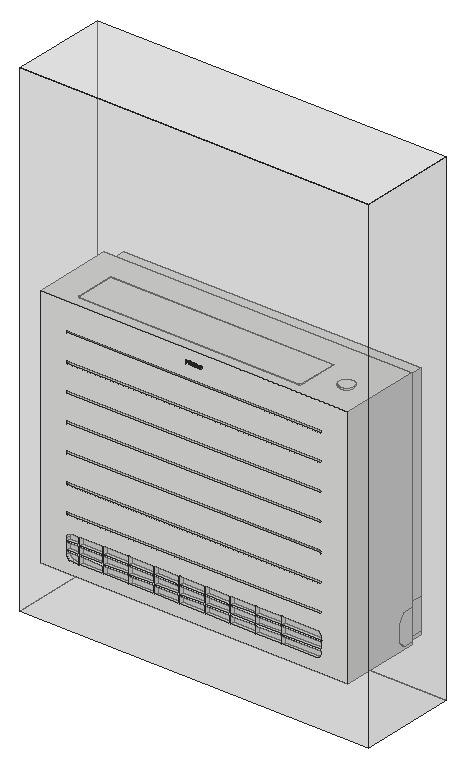
Revit family "outputfile", category 機械設備, Revit 2024
Family settings
  丸型コネクタ寸法 = 半径を使用
  パーツ タイプ = 標準
  OmniClass 番号 = 23.75.10.24.21.27.27
  OmniClass タイトル = Split System Air Conditioning Units
  作業面ベース = いいえ
  常に垂直 = はい
  ロード時にボイドで切り取り = いいえ
  注釈の向きを維持 = いいえ
  共有 = いいえ
  部屋計算ポイント = いいえ
Parameters (values of type "FVXM45YVMA")
  Description = ""
  書き出し IFC クラス(タイプ) = "IfcUnitaryEquipmentType"
  定義済み IFC タイプ(タイプ) = "AIRCONDITIONINGUNIT"
  Cost = 0
  Type Comments = ""
  Keynote = ""
  Type Image = (empty or 0)
  Assembly Code = ""
  switch_frequency = yes
  lw_powersupply [instance] = if(or(Rear Right Connection_refrigerant, Bottom Right Connection_refrigerant), 40.0 mm, if(or(Rear Left Connection_refrigerant, Bottom Left Connection_refrigerant), 630.0 mm, 40.0 mm))  # 40.0 mm
  lw_liquidpipe [instance] = if(or(Rear Right Connection_refrigerant, Bottom Right Connection_refrigerant), 60.0 mm, if(or(Rear Left Connection_refrigerant, Bottom Left Connection_refrigerant), 650.0 mm, 60.0 mm))  # 60.0 mm
  lw_gaspipe [instance] = if(or(Rear Right Connection_refrigerant, Bottom Right Connection_refrigerant), 60.0 mm, if(or(Rear Left Connection_refrigerant, Bottom Left Connection_refrigerant), 650.0 mm, 60.0 mm))  # 60.0 mm
  lw_drainpipe [instance] = if(or(Rear Right Connection_refrigerant, Bottom Right Connection_refrigerant), 80.0 mm, if(or(Rear Left Connection_refrigerant, Bottom Left Connection_refrigerant), 680.0 mm, 80.0 mm))  # 80.0 mm
  lh_liquidpipe [instance] = if(or(Bottom Left Connection_refrigerant, Bottom Right Connection_refrigerant), 258.0 mm, 60.0 mm)  # 60.0 mm
  lh_gaspipe [instance] = if(or(Bottom Left Connection_refrigerant, Bottom Right Connection_refrigerant), 211.0 mm, 40.0 mm)  # 40.0 mm
  lh_drainpipe [instance] = if(or(Bottom Left Connection_refrigerant, Bottom Right Connection_refrigerant), 95.0 mm, 20.0 mm)  # 20.0 mm
  ld_liquidpipe [instance] = if(or(Rear Left Connection_refrigerant, Rear Right Connection_refrigerant), 147.0 mm, 40.0 mm)  # 40.0 mm
  ld_gaspipe [instance] = if(or(Rear Left Connection_refrigerant, Rear Right Connection_refrigerant), 130.0 mm, 30.0 mm)  # 30.0 mm
  ld_drainpipe [instance] = if(or(Rear Left Connection_refrigerant, Rear Right Connection_refrigerant), 123.0 mm, 30.0 mm)  # 30.0 mm
  l_powersupply_length [instance] = if(Right Connection_refrigerant, 40.0 mm - 14.0 mm, if(Left Connection_refrigerant, 750.0 mm - 40.0 mm - 14.0 mm, if(or(Rear Left Connection_refrigerant, Rear Right Connection_refrigerant), 30.0 mm, 74.0 mm)))  # 26.0 mm
  l_liquidpipe_length [instance] = if(Right Connection_refrigerant, 60.0 mm - 14.0 mm, if(Left Connection_refrigerant, 750.0 mm - 60.0 mm - 14.0 mm, if(or(Rear Left Connection_refrigerant, Rear Right Connection_refrigerant), 147.0 mm, 258.0 mm)))  # 46.0 mm
  l_gaspipe_length [instance] = if(Right Connection_refrigerant, 60.0 mm - 14.0 mm, if(Left Connection_refrigerant, 750.0 mm - 60.0 mm - 14.0 mm, if(or(Rear Left Connection_refrigerant, Rear Right Connection_refrigerant), 130.0 mm, 211.0 mm)))  # 46.0 mm
  l_drainpipe_length [instance] = if(Right Connection_refrigerant, 80.0 mm - 14.0 mm, if(Left Connection_refrigerant, 750.0 mm - 80.0 mm - 14.0 mm, if(or(Rear Left Connection_refrigerant, Rear Right Connection_refrigerant), 123.0 mm, 95.0 mm)))  # 66.0 mm
  daikin_mountinghole = Depth = 350.0 mm  # no
  connector_voltage = Voltage_60Hz  # 220 V
  connector_powerinput = [Power Input (Cooling)]  # 1.330 kW
  connector_phase = Phase_60Hz  # 1
  angle_vertical [instance] = if(or(Bottom Left Connection_refrigerant, Bottom Right Connection_refrigerant), 0.00°, 90.00°)  # 90.00°
  angle_horizontal [instance] = if(Right Connection_refrigerant, 90.00°, if(Left Connection_refrigerant, -90.00°, if(or(Rear Left Connection_refrigerant, Rear Right Connection_refrigerant), 180.00°, 0.00°)))  # 90.00°
  Voltage_comment_60Hz = "220-230"
  Voltage_comment_50Hz = "220 - 240"
  Voltage_60Hz = 220 V
  Voltage_50Hz = 230 V
  URL = ""
  Total Heating Capacity [instance] = 0.000 kW
  Right Connection_refrigerant [instance] = yes
  製造元 = "Daikin"
  モデル = "FVXM45YVMA"
  r_Liquid Pipe Size = Liquid Pipe Size / 2  # 3.2 mm
  r_Gas Pipe Size = Gas Pipe Size / 2  # 4.75 mm
  r_Drain Pipe Size = Drain Pipe Size / 2  # 8.0 mm
  h*** = 0.0 mm  # constant formula
  Width = 750.0 mm
  Version = "ver.1.0"
  Unit Type = "Floor Standing"
  Unit Mass Weight = 18.00 kg
  Unit Designation [instance] = ""
  Uniclass2015Version = "Products v1.30"
  Uniclass2015Title = "Split coil room air conditioning units"
  Uniclass2015Code = "Pr_70_65_03_86"
  Total Cooling Capacity [instance] = 0.000 kW
  Sound Pressure Level_M speed (dBA) = 40
  Sound Pressure Level_L speed (dBA) = 36
  Sound Pressure Level_H speed (dBA) = 44
  Sound Power Level_H speed (dB) = 0
  Series = "Single Split_Fan Coil Unit"
  Sensible Cooling Capacity [instance] = 0.000 kW
  Refrigerant Type = "R32"
  Rear Right Connection_refrigerant [instance] = no
  Rear Left Connection_refrigerant [instance] = no
  Power Input (Heating) = 1.440 kW
  Power Input (Cooling) = 1.330 kW
  Phase_60Hz = 1
  Phase_50Hz = 1
  Option Accessory 3 [instance] = ""
  Option Accessory 2 [instance] = ""
  Option Accessory 1 [instance] = ""
  Nominal Heating Capacity = 5.400 kW
  Nominal Cooling Capacity = 4.500 kW
  Minimum External Static Pressure = 0.00 Pa
  Minimum Circuit Amps_60Hz = 0.0 A
  Minimum Circuit Amps_50Hz = 0.0 A
  Minimum Airflow = 468.00 m³/h
  Median Airflow = 558.00 m³/h
  Maximum Fuse Amps_60Hz = 0.0 A
  Maximum Fuse Amps_50Hz = 0.0 A
  Maximum External Static Pressure = 0.00 Pa
  Maximum Airflow = 618.00 m³/h
  Material_Casing = DAIKIN_White_Casing_indoorunit
  Load Classification = HVAC
  Liquid Pipe Size = 6.4 mm
  Link_Nested Family [instance] = ""
  Left Connection_refrigerant [instance] = no
  IfcVersion = ""
  IfcExportType = "AIRCONDITIONINGUNIT"
  IfcExportAs = "IfcUnitaryEquipmentType"
  Height = 600.0 mm
  Heating Entering Wet Bulb Temperature [instance] = -273.15 °C
  Heating Entering Dry Bulb Temperature [instance] = -273.15 °C
  Heating Ambient Wet Bulb Temperature [instance] = -273.15 °C
  Heating Ambient Dry Bulb Temperature [instance] = -273.15 °C
  Heat Exchanger Type = "Cross Fin Coil"
  Gas Pipe Size = 9.5 mm
  Frequency_60Hz = 60 Hz
  Frequency_50Hz = 50 Hz
  Fan Type = "Turbo Fan"
  Fan Drive = "-"
  FCU Tag No. [instance] = ""
  Drain Pipe Size = 16.0 mm
  Design Supply Airflow [instance] = 0.00 m³/h
  Design External Static Pressure [instance] = 0.00 Pa
  Depth = 238.0 mm
  既定の高さ = 0.0 mm
  Cooling Entering Wet Bulb Temperature [instance] = 0.00 °C
  Cooling Entering Dry Bulb Temperature [instance] = 0.00 °C
  Cooling Ambient Wet Bulb Temperature [instance] = 0.00 °C
  Cooling Ambient Dry Bulb Temperature [instance] = 0.00 °C
  Clearance visibility [instance] = yes
  Clearance Top = 467.0 mm
  Clearance Right = 50.0 mm
  Clearance Rear = 0.0 mm
  Clearance Left = 50.0 mm
  Clearance Front = 0.0 mm
  Clearance Bottom = 120.0 mm
  Bottom Right Connection_refrigerant [instance] = no
  Bottom Left Connection_refrigerant [instance] = no
Reference planes
  plane 1: z = 0
  plane 2 "Center (Left/Right)": x = 0
  plane 3 "Center (Front/Back)": y = -23
  plane 4 "Front": y = -142
  plane 5: x = 315
  plane 6: x = 315
  plane 7: z = 0
  plane 8: z = 467
  plane 9: z = -720
  plane 10: x = -425
  plane 11: x = 425
  plane 12: y = -142
  plane 13: y = 96
  plane 14 "Bottom": z = -600
  plane 15 "Left": x = -375
  plane 16 "Right": x = 375
  plane 17 "Top": z = 0
  plane 18 "Back": y = 96
  plane 19 "lh_drainpipe": z = -580
  plane 20 "ld_liquidpipe_gaspipe": y = 56
  plane 21 "ld_drainpipe": y = 66
  plane 22 "ld_powersupply": y = 66
  plane 23 "lh_liquidpipe": z = -540
  plane 24 "lh_gaspipe": z = -560
  plane 25 "ld_gaspipe": y = 66
  plane 26 "lw_drainpipe": x = 295
  plane 27 "lw_powersupply": x = 335
  plane 28 "lh_powersupply": z = -526
Dimensions and locks
  "Width": plane 16 "Right" to plane 15 "Left"
  equal spacing: plane 16 "Right", plane 2 "Center (Left/Right)", plane 15 "Left"
  "Clearance Rear": plane 13 to plane 18 "Back"
  "Clearance Right": plane 11 to plane 16 "Right"
  "Clearance Left": plane 15 "Left" to plane 10
  "Clearance Top": plane 8 to plane 17 "Top"
  "Clearance Bottom": plane 14 "Bottom" to plane 9
  "Height": plane 1 to plane 14 "Bottom"
  equal spacing: plane 18 "Back", plane 3 "Center (Front/Back)", plane 4 "Front"
  "Depth": plane 18 "Back" to plane 4 "Front"
  "Clearance Front": plane 4 "Front" to plane 12
  "ld_liquidpipe": plane 18 "Back" to plane 20 "ld_liquidpipe_gaspipe"
  "lh_liquidpipe": plane 23 "lh_liquidpipe" to plane 14 "Bottom"
  "lw_liquidpipe": plane 6 to plane 16 "Right"
  "ld_gaspipe": plane 18 "Back" to plane 25 "ld_gaspipe"
  "lw_gaspipe": plane 5 to plane 16 "Right"
  "lh_gaspipe": plane 24 "lh_gaspipe" to plane 14 "Bottom"
  "lh_drainpipe": plane 19 "lh_drainpipe" to plane 14 "Bottom"
  "lw_drainpipe": plane 26 "lw_drainpipe" to plane 16 "Right"
  "ld_drainpipe": plane 18 "Back" to plane 21 "ld_drainpipe"
  "lw_powersupply": plane 27 "lw_powersupply" to plane 16 "Right"
  locked: plane 18 "Back" to plane 22 "ld_powersupply" at 30
  locked: plane 28 "lh_powersupply" to plane 14 "Bottom" at 74
  aligned and locked: level to plane 1
  aligned and locked: nested 1 to plane 13
  aligned and locked: nested 1 to plane 12
  aligned and locked: plane 8 to nested 1
  aligned and locked: plane 9 to nested 1
  aligned and locked: plane 10 to nested 1
  aligned and locked: plane 11 to nested 1
  aligned and locked: nested 2 to plane 18 "Back"
  aligned and locked: plane 2 "Center (Left/Right)" to nested 2
  aligned and locked: plane 17 "Top" to nested 2
  aligned and locked: nested 3 to plane 20 "ld_liquidpipe_gaspipe"
  aligned and locked: plane 6 to nested 3
  aligned and locked: nested 4 to plane 25 "ld_gaspipe"
  aligned and locked: plane 5 to nested 4
  aligned and locked: plane 26 "lw_drainpipe" to nested 5
  aligned and locked: nested 5 to plane 21 "ld_drainpipe"
  aligned and locked: plane 27 "lw_powersupply" to nested 6
  aligned and locked: nested 6 to plane 22 "ld_powersupply"
  aligned and locked: plane 17 "Top" to plane 1
Nested families
  nested 1: "daikin_clearancespace" at (0, -23, -126.381), visible <- "Clearance visibility", show <- "Clearance visibility", Link_Nested Family <- "Link_Nested Family", type "daikin_clearancespace"
    with width 850.0 mm, show yes, height 1187.0 mm, depth 238.0 mm, Link_Nested Family ""
  nested 2: "DAIKIN_indoorunit_FVXM-YVMA" at (-31, 96, 0), type "FVXM-YVMA"
  nested 3: "daikin_connector_rotate3" at (315, 56, -540), angle_vertical <- "angle_vertical", angle_horizontal <- "angle_horizontal", radius <- "r_Liquid Pipe Size", length <- "l_liquidpipe_length", type "daikin_connector_rotate3"
    with show no, radius 3.2 mm, length 46.0 mm, angle_vertical 90.00°, angle_horizontal 90.00°
  nested 4: "daikin_connector_rotate3" at (315, 66, -560), angle_vertical <- "angle_vertical", angle_horizontal <- "angle_horizontal", length <- "l_gaspipe_length", radius <- "r_Gas Pipe Size", type "daikin_connector_rotate3"
    with show no, radius 4.75 mm, length 46.0 mm, angle_vertical 90.00°, angle_horizontal 90.00°
  nested 5: "daikin_connector_rotate3" at (295, 66, -580), angle_vertical <- "angle_vertical", angle_horizontal <- "angle_horizontal", length <- "l_drainpipe_length", radius <- "r_Drain Pipe Size", type "daikin_connector_rotate3"
    with show no, radius 8.0 mm, length 66.0 mm, angle_vertical 90.00°, angle_horizontal 90.00°
  nested 6: "daikin_connector_rotate3" at (335, 66, -526), angle_vertical <- "angle_vertical", angle_horizontal <- "angle_horizontal", length <- "l_powersupply_length", type "daikin_connector_rotate3"
    with show no, radius 10.0 mm, length 26.0 mm, angle_vertical 90.00°, angle_horizontal 90.00°
Connectors
  piping at (361, 56, -540), diameter 6.4, driven by "r_Liquid Pipe Size"
    settings: on nested 3, index 1, connector inside diameter 609.6 mm, connector length 0.0 mm, flow factor 0, pipe flow 0.00 m³/h, pressure drop 0.0 Pa, fitting loss kfactor 0, connector angle 0.00°, fixture units 0, engagement length 0.0 mm, angle of deflection 0.00°, flow configuration 1, flow direction 1, fitting loss method 0, system type 29, joint type 0, gender type 0, connector reference index -1, connector utility 0, adjustable connector no, is connector primary yes, connector description "Refrigerant Liquid Piping"
  piping at (361, 66, -560), diameter 9.5, driven by "r_Gas Pipe Size"
    settings: on nested 4, index 2, connector inside diameter 609.6 mm, connector length 0.0 mm, flow factor 0, pipe flow 0.00 m³/h, pressure drop 0.0 Pa, fitting loss kfactor 0, connector angle 0.00°, fixture units 0, engagement length 0.0 mm, angle of deflection 0.00°, flow configuration 1, flow direction 2, fitting loss method 0, system type 29, joint type 0, gender type 0, connector reference index -1, connector utility 0, adjustable connector no, is connector primary no, connector description "Refrigerant Gas Piping"
  piping at (361, 66, -580), diameter 16, driven by "r_Drain Pipe Size"
    settings: on nested 5, index 3, connector inside diameter 609.6 mm, connector length 0.0 mm, flow factor 0, pipe flow 0.00 m³/h, pressure drop 0.0 Pa, fitting loss kfactor 0, connector angle 0.00°, fixture units 0, engagement length 0.0 mm, angle of deflection 0.00°, flow configuration 1, flow direction 2, fitting loss method 4, system type 16, joint type 0, gender type 0, connector reference index -1, connector utility 0, adjustable connector no, is connector primary no, connector description "Condensate Drain Piping"
  electrical at (361, 66, -526), driven by "connector_phase", driven by "Load Classification", driven by "connector_voltage", driven by "connector_powerinput"
    settings: on nested 6, index 4, voltage 220 V, apparent load 1330 VA, apparent load phase1 0 VA, apparent load phase2 0 VA, apparent load phase3 0 VA, power factor 1, load classification "HVAC", number of poles 1, system type 30, power factor state 1, is connector primary yes, connector utility no, sub classification motor no, connector description "Power Supply"
Definition of nested family "daikin_clearancespace"
  Parameters (values of type "daikin_clearancespace")
    Description = "daikin_clearancespace"
    width [instance] = 1823.963 mm
    show [instance] = yes
    material = none
    height [instance] = 1359.762 mm
    depth [instance] = 880.0 mm
    Default Elevation = 0.0 mm
    Link_Nested Family [instance] = ""
  Reference planes
    plane 1 "Center (Front/Back)": y = 0
    plane 2 "Center (Elevation)": z = -0.119
    plane 3 "Center (Left/Right)": x = 0
    plane 4: y = 440
    plane 5: y = -440
    plane 6 "Right": x = 911.982
    plane 7 "Left": x = -911.982
    plane 8 "Top": z = 679.762
    plane 9 "Bottom": z = -680
  Forms (mm)
    Extrusion 1, solid, material <- "material", visible <- "show"
      sketch origin (0, 0, 0) x (1, 0, 0) y (0, 1, 0)
        loop
          line (-911.982, 440) -> (-911.982, -440) -> (911.982, -440) -> (911.982, 440) -> (-911.982, 440)
      from -680 to 679.762
  Lines and regions (mm)
    symbolic lines, visible <- "show"
      curve 1: line (911.982, 440, 0) -> (-911.982, 440, 0)
      curve 2: line (-911.982, 440, 0) -> (-911.982, -440, 0)
      curve 3: line (-911.982, -440, 0) -> (911.982, -440, 0)
      curve 4: line (911.982, -440, 0) -> (911.982, 440, 0)
      curve 5: line (911.982, 0, 679.762) -> (-911.982, 0, 679.762)
      curve 6: line (911.982, 0, -680) -> (911.982, 0, 679.762)
      curve 7: line (-911.982, 0, -680) -> (911.982, 0, -680)
      curve 8: line (-911.982, 0, 679.762) -> (-911.982, 0, -680)
      curve 9: line (0, 440, 679.762) -> (0, -440, 679.762)
      curve 10: line (0, -440, 679.762) -> (0, -440, -680)
      curve 11: line (0, 440, -680) -> (0, 440, 679.762)
      curve 12: line (0, -440, -680) -> (0, 440, -680)
  Dimensions and locks
    "width": plane 7 "Left" to plane 6 "Right"
    "depth": plane 4 to plane 5
    "height": plane 8 "Top" to plane 9 "Bottom"
    equal spacing: plane 7 "Left", plane 3 "Center (Left/Right)", plane 6 "Right"
    equal spacing: plane 4, plane 1 "Center (Front/Back)", plane 5
    equal spacing: plane 8 "Top", plane 2 "Center (Elevation)", plane 9 "Bottom"
    aligned and locked: level to plane 2 "Center (Elevation)"
    aligned and locked: Extrusion 1 sketch curve to plane 4
    aligned and locked: plane 7 "Left" to Extrusion 1 sketch curve
    aligned and locked: Extrusion 1 sketch curve to plane 5
    aligned and locked: Extrusion 1 sketch curve to plane 6 "Right"
    aligned and locked: plane 8 "Top" to Extrusion 1
    aligned and locked: curve 1 to Extrusion 1
    aligned and locked: curve 2 to Extrusion 1
    aligned and locked: curve 3 to Extrusion 1
    aligned and locked: curve 4 to Extrusion 1
    aligned and locked: curve 5 to Extrusion 1
    aligned and locked: curve 6 to Extrusion 1
    aligned and locked: curve 7 to Extrusion 1
    aligned and locked: curve 8 to Extrusion 1
    aligned and locked: curve 9 to Extrusion 1
    aligned and locked: curve 10 to Extrusion 1
    aligned and locked: curve 11 to Extrusion 1
    aligned and locked: curve 12 to Extrusion 1
    aligned and locked: Extrusion 1 to plane 9 "Bottom"
Definition of nested family "DAIKIN_indoorunit_FVXM-YVMA"
  Parameters (values of type "FVXM-YVMA")
    Width = 750.0 mm
    Material_Casing = none
    Height = 600.0 mm
    Default Elevation = 0.0 mm
  Reference planes
    plane 1 "Center (Front/Back)": y = 0
    plane 2 "reference_level": z = 0
    plane 3 "Center (Left/Right)": x = 31
    plane 4: x = -330
    plane 5: x = 392
    plane 6: z = -600
    plane 7: y = -238
    plane 8: x = -344
    plane 9: x = 406
    plane 10: z = -600
  Forms (mm)
    Extrusion 1, solid, material <- "Material_Casing"
      sketch origin (392, 3296.25, 1200) x (0, -1, 0) y (0, 0, 1)
        loop
          line (3296.25, -1715) -> (3296.25, -1790.3) -> (3314.25, -1790.3) -> (3341.25, -1790.3) -> (3341.25, -1715) -> (3312.25, -1715) -> (3296.25, -1715)
      from 0 to 5
    Extrusion 2, solid, material <- "Material_Casing"
      sketch origin (31, 2200, -600) x (-1, 0, 0) y (0, -1, 0)
        loop
          line (-276, 2220.469) -> (-276, 2333)
          arc (-276, 2333) -> (-280.393, 2343.607) -> (-291, 2348) r 15
          line (-291, 2348) -> (-331, 2348)
          arc (-331, 2348) -> (-341.607, 2343.607) -> (-346, 2333) r 15
          line (-346, 2333) -> (-346, 2220.469) -> (-276, 2220.469)
        loop
          arc (346, 2280.031) -> (344.335, 2283.756) -> (340.448, 2285) r 5
          line (340.448, 2285) -> (235.887, 2285)
          arc (235.887, 2285) -> (232.431, 2283.569) -> (231, 2280.113) r 4.887
          line (231, 2280.113) -> (231, 2220.469) -> (346, 2220.469) -> (346, 2280.031)
      from 0 to 5
    Extrusion 3, solid, material <- "Material_Casing"
      sketch origin (31, 2000, -50) x (0, 1, 0) y (0, 0, 1)
        loop
          line (-2045, 33) -> (-2045, -550) -> (-2000, -550) -> (-2000, 33) -> (-2045, 33)
      from -361 to 361
    Extrusion 4, solid, material <- "Material_Casing"
      sketch origin (31, 0, 0) x (1, 0, 0) y (0, 0, 1)
        loop
          circle (296, -542) r 58
        loop
          circle (-296, -542) r 58
      from 0 to 18
    Extrusion 5, solid, material <- "Material_Casing"
      sketch origin (-344, 3296.25, 1200) x (0, -1, 0) y (0, 0, -1)
        loop
          line (3341.25, 1715) -> (3355.25, 1715)
          arc (3355.25, 1715) -> (3370.807, 1721.444) -> (3377.25, 1737) r 22
          line (3377.25, 1737) -> (3377.25, 1768.3)
          arc (3377.25, 1768.3) -> (3370.807, 1783.856) -> (3355.25, 1790.3) r 22
          line (3355.25, 1790.3) -> (3341.25, 1790.3) -> (3341.25, 1715)
      from 0 to 5
    Extrusion 6, solid, material <- "Material_Casing"
      sketch origin (31, 0, 0) x (0, 1, 0) y (0, 0, 1)
        loop
          line (-238, -2) -> (-238, -596) -> (-229.5, -596) -> (-229.5, -600) -> (-45, -600) -> (-45, -2) -> (-238, -2)
      from -375 to 375
    Extrusion 7, void
      sketch origin (-663.497, -183, 1200) x (-1, 0, 0) y (0, 0, 1)
        loop
          line (-333.497, -1796) -> (-333.497, -1826) -> (-298.497, -1826) -> (-298.497, -1796) -> (-333.497, -1796)
        loop
          line (-1055.497, -1796) -> (-1090.497, -1796) -> (-1090.497, -1826) -> (-1055.497, -1826) -> (-1055.497, -1796)
      from -55 to 495
    Extrusion 8, solid, material <- "Material_Casing"
      sketch origin (0, 0, 0) x (1, 0, 0) y (0, 1, 0)
        loop
          circle (339.5, -158.981) r 18
      from -2 to 0
    Extrusion 9, void
      sketch origin (0, 0, 0) x (1, 0, 0) y (0, 1, 0)
        loop
          arc (-269.293, -211.674) -> (-2.048, -218.025) -> (265.245, -214.192) r 7016.372
          arc (265.245, -214.192) -> (268.673, -212.671) -> (270.079, -209.195) r 5
          line (270.079, -209.195) -> (270.079, -111.981) -> (-274.079, -111.981) -> (-274.079, -206.679)
          arc (-274.079, -206.679) -> (-272.689, -210.138) -> (-269.293, -211.674) r 5
      from -10 to 0
    Extrusion 10, solid, material <- "Material_Casing"
      sketch origin (0, 0, 0) x (1, 0, 0) y (0, 1, 0)
        loop
          arc (265.245, -214.192) -> (268.673, -212.671) -> (270.079, -209.195) r 5
          line (270.079, -209.195) -> (270.079, -111.981) -> (-274.079, -111.981) -> (-274.079, -206.679)
          arc (-274.079, -206.679) -> (-272.689, -210.138) -> (-269.293, -211.674) r 5
          arc (-269.293, -211.674) -> (-2.048, -218.025) -> (265.245, -214.192) r 7016.372
      from -10 to -2
    Extrusion 11, void
      sketch origin (-663.497, -183, 1200) x (-1, 0, 0) y (0, 0, 1)
        loop
          arc (-1002.372, -1264.5) -> (-1004.14, -1265.232) -> (-1004.872, -1267) r 2.5
          line (-1004.872, -1267) -> (-1004.872, -1269)
          arc (-1004.872, -1269) -> (-1004.286, -1270.414) -> (-1002.872, -1271) r 2
          line (-1002.872, -1271) -> (-386.123, -1271)
          arc (-386.123, -1271) -> (-384.709, -1270.414) -> (-384.123, -1269) r 2
          line (-384.123, -1269) -> (-384.123, -1267)
          arc (-384.123, -1267) -> (-384.855, -1265.232) -> (-386.623, -1264.5) r 2.5
          line (-386.623, -1264.5) -> (-1002.372, -1264.5)
        loop
          arc (-1002.372, -1330.5) -> (-1004.14, -1331.232) -> (-1004.872, -1333) r 2.5
          line (-1004.872, -1333) -> (-1004.872, -1335)
          arc (-1004.872, -1335) -> (-1004.286, -1336.414) -> (-1002.872, -1337) r 2
          line (-1002.872, -1337) -> (-386.123, -1337)
          arc (-386.123, -1337) -> (-384.709, -1336.414) -> (-384.123, -1335) r 2
          line (-384.123, -1335) -> (-384.123, -1333)
          arc (-384.123, -1333) -> (-384.855, -1331.232) -> (-386.623, -1330.5) r 2.5
          line (-386.623, -1330.5) -> (-1002.372, -1330.5)
        loop
          arc (-1002.372, -1396.5) -> (-1004.14, -1397.232) -> (-1004.872, -1399) r 2.5
          line (-1004.872, -1399) -> (-1004.872, -1401)
          arc (-1004.872, -1401) -> (-1004.286, -1402.414) -> (-1002.872, -1403) r 2
          line (-1002.872, -1403) -> (-386.123, -1403)
          arc (-386.123, -1403) -> (-384.709, -1402.414) -> (-384.123, -1401) r 2
          line (-384.123, -1401) -> (-384.123, -1399)
          arc (-384.123, -1399) -> (-384.855, -1397.232) -> (-386.623, -1396.5) r 2.5
          line (-386.623, -1396.5) -> (-1002.372, -1396.5)
        loop
          arc (-1002.372, -1462.5) -> (-1004.14, -1463.232) -> (-1004.872, -1465) r 2.5
          line (-1004.872, -1465) -> (-1004.872, -1467)
          arc (-1004.872, -1467) -> (-1004.286, -1468.414) -> (-1002.872, -1469) r 2
          line (-1002.872, -1469) -> (-386.123, -1469)
          arc (-386.123, -1469) -> (-384.709, -1468.414) -> (-384.123, -1467) r 2
          line (-384.123, -1467) -> (-384.123, -1465)
          arc (-384.123, -1465) -> (-384.855, -1463.232) -> (-386.623, -1462.5) r 2.5
          line (-386.623, -1462.5) -> (-1002.372, -1462.5)
        loop
          arc (-1002.372, -1528.5) -> (-1004.14, -1529.232) -> (-1004.872, -1531) r 2.5
          line (-1004.872, -1531) -> (-1004.872, -1533)
          arc (-1004.872, -1533) -> (-1004.286, -1534.414) -> (-1002.872, -1535) r 2
          line (-1002.872, -1535) -> (-386.123, -1535)
          arc (-386.123, -1535) -> (-384.709, -1534.414) -> (-384.123, -1533) r 2
          line (-384.123, -1533) -> (-384.123, -1531)
          arc (-384.123, -1531) -> (-384.855, -1529.232) -> (-386.623, -1528.5) r 2.5
          line (-386.623, -1528.5) -> (-1002.372, -1528.5)
        loop
          arc (-1002.372, -1594.5) -> (-1004.14, -1595.232) -> (-1004.872, -1597) r 2.5
          line (-1004.872, -1597) -> (-1004.872, -1599)
          arc (-1004.872, -1599) -> (-1004.286, -1600.414) -> (-1002.872, -1601) r 2
          line (-1002.872, -1601) -> (-386.123, -1601)
          arc (-386.123, -1601) -> (-384.709, -1600.414) -> (-384.123, -1599) r 2
          line (-384.123, -1599) -> (-384.123, -1597)
          arc (-384.123, -1597) -> (-384.855, -1595.232) -> (-386.623, -1594.5) r 2.5
          line (-386.623, -1594.5) -> (-1002.372, -1594.5)
        loop
          arc (-1002.372, -1660.5) -> (-1004.14, -1661.232) -> (-1004.872, -1663) r 2.5
          line (-1004.872, -1663) -> (-1004.872, -1665)
          arc (-1004.872, -1665) -> (-1004.286, -1666.414) -> (-1002.872, -1667) r 2
          line (-1002.872, -1667) -> (-386.123, -1667)
          arc (-386.123, -1667) -> (-384.709, -1666.414) -> (-384.123, -1665) r 2
          line (-384.123, -1665) -> (-384.123, -1663)
          arc (-384.123, -1663) -> (-384.855, -1661.232) -> (-386.623, -1660.5) r 2.5
          line (-386.623, -1660.5) -> (-1002.372, -1660.5)
        loop
          line (-907.024, -1705.5) -> (-907.024, -1724.25) -> (-845.397, -1724.25) -> (-845.397, -1705.5) -> (-907.024, -1705.5)
        loop
          line (-396.123, -1705.5) -> (-412.997, -1705.5) -> (-412.997, -1724.137) -> (-384.123, -1724.137) -> (-384.123, -1717.5)
          arc (-384.123, -1717.5) -> (-387.637, -1709.015) -> (-396.123, -1705.5) r 12
        loop
          line (-1004.872, -1724.399) -> (-908.997, -1724.399) -> (-908.997, -1705.5) -> (-992.872, -1705.5)
          arc (-992.872, -1705.5) -> (-1001.357, -1709.015) -> (-1004.872, -1717.5) r 12
          line (-1004.872, -1717.5) -> (-1004.872, -1724.399)
        loop
          line (-721.597, -1705.5) -> (-781.498, -1705.5) -> (-781.498, -1724.25) -> (-721.597, -1724.25) -> (-721.597, -1705.5)
        loop
          line (-783.497, -1705.5) -> (-843.398, -1705.5) -> (-843.398, -1724.25) -> (-783.497, -1724.25) -> (-783.497, -1705.5)
        loop
          line (-597.797, -1705.5) -> (-657.698, -1705.5) -> (-657.698, -1724.25) -> (-597.797, -1724.25) -> (-597.797, -1705.5)
        loop
          line (-659.697, -1705.5) -> (-719.598, -1705.5) -> (-719.598, -1724.25) -> (-659.697, -1724.25) -> (-659.697, -1705.5)
        loop
          line (-473.997, -1705.5) -> (-533.898, -1705.5) -> (-533.898, -1724.25) -> (-473.997, -1724.25) -> (-473.997, -1705.5)
        loop
          line (-535.897, -1705.5) -> (-595.798, -1705.5) -> (-595.798, -1724.25) -> (-535.897, -1724.25) -> (-535.897, -1705.5)
        loop
          line (-414.913, -1705.5) -> (-471.998, -1705.5) -> (-471.998, -1724.25) -> (-414.973, -1724.25) -> (-414.913, -1705.5)
        loop
          line (-907.024, -1766.5) -> (-845.397, -1766.5) -> (-845.397, -1747.75) -> (-907.024, -1747.75) -> (-907.024, -1766.5)
        loop
          arc (-396.123, -1766.5) -> (-387.637, -1762.985) -> (-384.123, -1754.5) r 12
          line (-384.123, -1754.5) -> (-384.123, -1747.863) -> (-412.997, -1747.863) -> (-412.997, -1766.5) -> (-396.123, -1766.5)
        loop
          line (-1004.872, -1747.601) -> (-1004.872, -1754.5)
          arc (-1004.872, -1754.5) -> (-1001.357, -1762.985) -> (-992.872, -1766.5) r 12
          line (-992.872, -1766.5) -> (-908.997, -1766.5) -> (-908.997, -1747.601) -> (-1004.872, -1747.601)
        loop
          line (-721.597, -1766.5) -> (-721.597, -1747.75) -> (-781.498, -1747.75) -> (-781.498, -1766.5) -> (-721.597, -1766.5)
        loop
          line (-783.497, -1766.5) -> (-783.497, -1747.75) -> (-843.398, -1747.75) -> (-843.398, -1766.5) -> (-783.497, -1766.5)
        loop
          line (-597.797, -1766.5) -> (-597.797, -1747.75) -> (-657.698, -1747.75) -> (-657.698, -1766.5) -> (-597.797, -1766.5)
        loop
          line (-659.697, -1766.5) -> (-659.697, -1747.75) -> (-719.598, -1747.75) -> (-719.598, -1766.5) -> (-659.697, -1766.5)
        loop
          line (-473.997, -1766.5) -> (-473.997, -1747.75) -> (-533.898, -1747.75) -> (-533.898, -1766.5) -> (-473.997, -1766.5)
        loop
          line (-535.897, -1766.5) -> (-535.897, -1747.75) -> (-595.798, -1747.75) -> (-595.798, -1766.5) -> (-535.897, -1766.5)
        loop
          line (-414.913, -1766.5) -> (-414.973, -1747.75) -> (-471.998, -1747.75) -> (-471.998, -1766.5) -> (-414.913, -1766.5)
        loop
          line (-384.123, -1726.863) -> (-412.997, -1726.863) -> (-412.997, -1745.137) -> (-384.123, -1745.137) -> (-384.123, -1726.863)
        loop
          line (-471.998, -1745.25) -> (-415.039, -1745.25) -> (-415.039, -1726.863) -> (-471.998, -1726.863) -> (-471.998, -1745.25)
        loop
          line (-533.897, -1745.25) -> (-473.997, -1745.25) -> (-473.997, -1726.863) -> (-533.897, -1726.863) -> (-533.897, -1745.25)
        loop
          line (-595.797, -1745.25) -> (-535.897, -1745.25) -> (-535.897, -1726.863) -> (-595.797, -1726.863) -> (-595.797, -1745.25)
        loop
          line (-657.697, -1745.25) -> (-597.797, -1745.25) -> (-597.797, -1726.863) -> (-657.697, -1726.863) -> (-657.697, -1745.25)
        loop
          line (-719.597, -1745.25) -> (-659.697, -1745.25) -> (-659.697, -1726.863) -> (-719.597, -1726.863) -> (-719.597, -1745.25)
        loop
          line (-781.497, -1745.25) -> (-721.597, -1745.25) -> (-721.597, -1726.863) -> (-781.497, -1726.863) -> (-781.497, -1745.25)
        loop
          line (-843.397, -1745.25) -> (-783.497, -1745.25) -> (-783.497, -1726.863) -> (-843.397, -1726.863) -> (-843.397, -1745.25)
        loop
          line (-906.955, -1745.25) -> (-845.397, -1745.25) -> (-845.397, -1726.863) -> (-906.955, -1726.863) -> (-906.955, -1745.25)
        loop
          line (-1004.872, -1745.25) -> (-908.997, -1745.25) -> (-908.997, -1726.863) -> (-1004.872, -1726.863) -> (-1004.872, -1745.25)
      from -200 to -45.918
    Extrusion 12, solid, material <- "Material_Casing"
      sketch origin (-330, 3296.25, 1200) x (0, -1, 0) y (0, 0, -1)
        loop
          line (3296.25, 1715) -> (3312.25, 1715) -> (3341.25, 1715) -> (3341.25, 1790.3) -> (3314.25, 1790.3) -> (3296.25, 1790.3) -> (3296.25, 1715)
      from 0 to 5
    Extrusion 13, solid, material <- "Material_Casing"
      sketch origin (406, 3296.25, 1200) x (0, -1, 0) y (0, 0, 1)
        loop
          line (3341.25, -1715) -> (3341.25, -1790.3) -> (3355.25, -1790.3)
          arc (3355.25, -1790.3) -> (3370.807, -1783.856) -> (3377.25, -1768.3) r 22
          line (3377.25, -1768.3) -> (3377.25, -1737)
          arc (3377.25, -1737) -> (3370.807, -1721.444) -> (3355.25, -1715) r 22
          line (3355.25, -1715) -> (3341.25, -1715)
      from 0 to 5
  Cuts and joins
    Extrusion 7, Extrusion 9, Extrusion 11 cuts Extrusion 6
    Extrusion 11 cuts Extrusion 3
  Lines and regions (mm)
    reference lines
      curve 1: line (0, -237.748, -22.637) -> (0, -237.748, -29.433)
  Dimensions and locks
    plane 5 to plane 4 = 722.0 mm
    Extrusion 4 sketch curve to plane 4 = 65.0 mm
    plane 5 to Extrusion 4 sketch curve = 65.0 mm
    Extrusion 4 sketch curve to plane 6 = 58.0 mm  (x2)
    equal spacing: plane 5, plane 3 "Center (Left/Right)", plane 4
    level to plane 6 = 600.0 mm
    equal spacing: plane 8, plane 3 "Center (Left/Right)", plane 9
    "Width": plane 8 to plane 9
    locked: plane 1 "Center (Front/Back)" to plane 7 at 238
    locked: plane 2 "reference_level" to plane 10 at 600
    locked: Extrusion 3 sketch curve to level at 600
    locked: plane 10 to Extrusion 1 sketch curve at 85
    locked: Extrusion 2 sketch curve to plane 1 "Center (Front/Back)" at 148
    locked: Extrusion 2 sketch curve to Extrusion 2 sketch curve at 70
    locked: Extrusion 2 sketch curve to plane 9 at 29
    locked: Extrusion 2 sketch curve to Extrusion 2 sketch curve at 115
    locked: plane 8 to Extrusion 2 sketch curve at 29
    locked: Extrusion 2 sketch curve to plane 1 "Center (Front/Back)" at 85
    locked: plane 10 to Extrusion 3 sketch curve at 583
    diameter of Extrusion 4 sketch curve = 116.0 mm  (x2)
    aligned and locked: level to plane 2 "reference_level"
  Automatic sketch dimensions
    Extrusion 1 sketch curve to plane 1 "Center (Front/Back)" = 0.0 mm
    plane 1 "Center (Front/Back)" to Extrusion 1 sketch curve = 16.0 mm
    plane 1 "Center (Front/Back)" to Extrusion 1 sketch curve = 18.0 mm
    Extrusion 1 sketch curve to Extrusion 1 sketch curve = 29.0 mm
    plane 10 to Extrusion 1 sketch curve = 9.7 mm
    Extrusion 2 sketch curve to Extrusion 2 sketch curve = 15.0 mm  (x2)
    Extrusion 2 sketch curve to Extrusion 2 sketch curve = 4.887 mm
    Extrusion 2 sketch curve to Extrusion 2 sketch curve = 5.552 mm
    Extrusion 2 sketch curve to Extrusion 2 sketch curve = 0.552 mm
    plane 1 "Center (Front/Back)" to Extrusion 2 sketch curve = 20.469 mm  (x2)
    Extrusion 3 sketch curve to plane 1 "Center (Front/Back)" = 0.0 mm
    plane 1 "Center (Front/Back)" to Extrusion 3 sketch curve = 45.0 mm
    plane 7 to curve 1 = 0.252 mm
    curve 1 to level = 29.433 mm
    curve 1 to curve 1 = 6.796 mm
    plane 1 "Center (Front/Back)" to Extrusion 5 sketch curve = 45.0 mm
    Extrusion 5 sketch curve to Extrusion 5 sketch curve = 14.0 mm  (x2)
    Extrusion 5 sketch curve to Extrusion 5 sketch curve = 22.0 mm
    plane 10 to Extrusion 5 sketch curve = 85.0 mm
    Extrusion 5 sketch curve to Extrusion 5 sketch curve = 31.3 mm
    Extrusion 6 sketch curve to plane 7 = 0.0 mm
    Extrusion 6 sketch curve to plane 10 = 0.0 mm
    plane 10 to Extrusion 6 sketch curve = 4.0 mm
    plane 7 to Extrusion 6 sketch curve = 8.5 mm
    plane 1 "Center (Front/Back)" to Extrusion 6 sketch curve = 45.0 mm
    Extrusion 6 sketch curve to level = 2.0 mm
    plane 10 to Extrusion 7 sketch curve = 4.0 mm  (x2)
    Extrusion 7 sketch curve to plane 9 = 21.0 mm
    plane 9 to Extrusion 7 sketch curve = 14.0 mm
    plane 8 to Extrusion 7 sketch curve = 14.0 mm
    Extrusion 7 sketch curve to plane 8 = 21.0 mm
    Extrusion 7 sketch curve to plane 10 = 26.0 mm  (x2)
    Extrusion 9 sketch curve to plane 3 "Center (Left/Right)" = 0.0 mm
    plane 7 to Extrusion 9 sketch curve = 31.321 mm
    plane 8 to Extrusion 9 sketch curve = 74.921 mm
    plane 8 to Extrusion 9 sketch curve = 69.921 mm
    plane 7 to Extrusion 9 sketch curve = 28.805 mm
    plane 9 to Extrusion 9 sketch curve = 140.921 mm
    Extrusion 9 sketch curve to Extrusion 9 sketch curve = 5.0 mm
    Extrusion 9 sketch curve to Extrusion 9 sketch curve = 94.698 mm
    Extrusion 9 sketch curve to plane 1 "Center (Front/Back)" = 6798.269 mm
    Extrusion 9 sketch curve to Extrusion 9 sketch curve = 0.0 mm
    Extrusion 10 sketch curve to plane 3 "Center (Left/Right)" = 0.0 mm
    plane 8 to Extrusion 10 sketch curve = 74.921 mm
    plane 8 to Extrusion 10 sketch curve = 69.921 mm
    plane 7 to Extrusion 10 sketch curve = 28.805 mm
    plane 9 to Extrusion 10 sketch curve = 140.921 mm
    Extrusion 10 sketch curve to Extrusion 10 sketch curve = 5.0 mm
    plane 7 to Extrusion 10 sketch curve = 31.321 mm
    Extrusion 10 sketch curve to Extrusion 10 sketch curve = 97.214 mm
    Extrusion 10 sketch curve to plane 1 "Center (Front/Back)" = 6798.269 mm
    Extrusion 10 sketch curve to Extrusion 10 sketch curve = 0.0 mm
    plane 9 to Extrusion 11 sketch curve = 64.625 mm  (x5)
    Extrusion 11 sketch curve to Extrusion 11 sketch curve = 0.0 mm  (x51)
    Extrusion 11 sketch curve to Extrusion 11 sketch curve = 2.0 mm  (x17)
    Extrusion 11 sketch curve to Extrusion 11 sketch curve = 2.5 mm  (x13)
    Extrusion 11 sketch curve to Extrusion 11 sketch curve = 0.5 mm  (x12)
    Extrusion 11 sketch curve to Extrusion 11 sketch curve = 12.0 mm  (x3)
    Extrusion 11 sketch curve to Extrusion 11 sketch curve = 83.875 mm
    Extrusion 11 sketch curve to Extrusion 11 sketch curve = 1.974 mm  (x2)
    Extrusion 11 sketch curve to Extrusion 11 sketch curve = 2.042 mm  (x2)
    Extrusion 11 sketch curve to Extrusion 11 sketch curve = 61.559 mm
    Extrusion 11 sketch curve to Extrusion 11 sketch curve = 1.998 mm  (x15)
    Extrusion 11 sketch curve to Extrusion 11 sketch curve = 1.999 mm  (x6)
    Extrusion 11 sketch curve to Extrusion 11 sketch curve = 59.901 mm  (x3)
    plane 3 "Center (Left/Right)" to Extrusion 11 sketch curve = 27.099 mm
    Extrusion 11 sketch curve to plane 3 "Center (Left/Right)" = 34.801 mm
    Extrusion 11 sketch curve to Extrusion 11 sketch curve = 59.902 mm
    Extrusion 11 sketch curve to Extrusion 11 sketch curve = 56.959 mm
    Extrusion 11 sketch curve to Extrusion 11 sketch curve = 0.067 mm  (x2)
    plane 10 to Extrusion 11 sketch curve = 33.5 mm  (x3)
    Extrusion 11 sketch curve to Extrusion 11 sketch curve = 0.059 mm  (x2)
    Extrusion 11 sketch curve to Extrusion 11 sketch curve = 1.975 mm  (x2)
    Extrusion 11 sketch curve to Extrusion 11 sketch curve = 16.875 mm  (x2)
    plane 8 to Extrusion 11 sketch curve = 67.125 mm  (x3)
    Extrusion 11 sketch curve to Extrusion 11 sketch curve = 9.5 mm
    Extrusion 11 sketch curve to Extrusion 11 sketch curve = 6.637 mm  (x2)
    Extrusion 11 sketch curve to Extrusion 11 sketch curve = 18.75 mm  (x4)
    Extrusion 11 sketch curve to Extrusion 11 sketch curve = 0.113 mm  (x2)
    Extrusion 11 sketch curve to Extrusion 11 sketch curve = 6.899 mm  (x2)
    Extrusion 11 sketch curve to Extrusion 11 sketch curve = 2.351 mm
    Extrusion 11 sketch curve to Extrusion 11 sketch curve = 18.387 mm  (x7)
    Extrusion 11 sketch curve to Extrusion 11 sketch curve = 18.275 mm
    Extrusion 11 sketch curve to Extrusion 11 sketch curve = 2.463 mm
    Extrusion 11 sketch curve to Extrusion 11 sketch curve = 2.613 mm  (x4)
    Extrusion 11 sketch curve to Extrusion 11 sketch curve = 2.725 mm
    Extrusion 11 sketch curve to Extrusion 11 sketch curve = 38.5 mm
    Extrusion 11 sketch curve to Extrusion 11 sketch curve = 59.5 mm  (x6)
    Extrusion 12 sketch curve to plane 1 "Center (Front/Back)" = 0.0 mm
    plane 1 "Center (Front/Back)" to Extrusion 12 sketch curve = 16.0 mm
    plane 1 "Center (Front/Back)" to Extrusion 12 sketch curve = 18.0 mm
    Extrusion 12 sketch curve to Extrusion 12 sketch curve = 29.0 mm
    plane 10 to Extrusion 12 sketch curve = 85.0 mm
    plane 10 to Extrusion 12 sketch curve = 9.7 mm
    plane 1 "Center (Front/Back)" to Extrusion 13 sketch curve = 45.0 mm
    Extrusion 13 sketch curve to Extrusion 13 sketch curve = 14.0 mm  (x2)
    Extrusion 13 sketch curve to Extrusion 13 sketch curve = 22.0 mm
    plane 10 to Extrusion 13 sketch curve = 9.7 mm
    Extrusion 13 sketch curve to Extrusion 13 sketch curve = 31.3 mm
  Nested families
    nested 1: "daikin_logo_plane_w40" at (31, -237.677, -26.888) x (1, 0, 0) z (0, -1, 0), type "daikin_logo_plane_w40"
      with show_logo yes
  Definition of nested family "daikin_logo_plane_w40"
    Parameters (values of type "daikin_logo_plane_w40")
      width = 40.0 mm
      show_logo [instance] = yes
      material = none
      height = 0.0 mm
      depth = 0.0 mm
      Default Elevation = 1219.2 mm
    Reference planes
      plane 1 "Center (Front/Back)": y = 0
      plane 2: z = 0
      plane 3 "Center (Left/Right)": x = 0
      plane 4: z = 2
      plane 5 "left": x = -19
      plane 6: x = 19
    Forms (mm)
      Extrusion 1, solid, visible <- "show_logo"
        sketch origin (-19, 0, 0) x (1, 0, 0) y (0, 1, 0)
          loop
            line (8.902, -1.878) -> (7.789, -6.332) -> (11.13, -6.332)
            arc (11.13, -6.332) -> (12.454, -6.064) -> (13.472, -5.176) r 2.642
            arc (13.472, -5.176) -> (13.92, -4.02) -> (13.767, -2.79) r 2.537
            arc (13.767, -2.79) -> (13.452, -2.342) -> (12.982, -2.06) r 1.321
            arc (12.982, -2.06) -> (12.063, -1.902) -> (11.13, -1.878) r 6.479
            line (11.13, -1.878) -> (8.902, -1.878)
          loop
            line (10.016, -5.441) -> (10.907, -5.441)
            arc (10.907, -5.441) -> (11.591, -4.983) -> (11.988, -4.261) r 1.742
            spline (11.988, -4.261) -> (12.01, -4.155) -> (12.027, -4.03) -> (12.037, -3.893) -> (12.037, -3.747) -> (12.026, -3.598) -> (12.002, -3.451) -> (11.962, -3.31) -> (11.905, -3.181) -> (11.829, -3.069) -> (11.731, -2.978) -> (11.61, -2.913) -> (11.464, -2.88)
            line (11.464, -2.88) -> (10.573, -2.88) -> (10.016, -5.441)
          loop
            line (13.58, -6.332) -> (14.805, -6.332) -> (15.223, -5.553) -> (16.977, -5.553) -> (17.144, -6.332) -> (19.149, -6.332) -> (18.258, -1.878) -> (16.03, -1.878) -> (13.58, -6.332)
          loop
            line (16.476, -3.214) -> (15.76, -4.551) -> (16.762, -4.551) -> (16.476, -3.214)
          loop
            line (19.705, -6.332) -> (21.599, -6.332) -> (22.712, -1.878) -> (20.819, -1.878) -> (19.705, -6.332)
          loop
            line (22.712, -6.332) -> (24.606, -6.332) -> (24.908, -5.122) -> (25.831, -6.332) -> (28.17, -6.332) -> (26.388, -3.994) -> (28.949, -1.878) -> (26.945, -1.878) -> (25.401, -3.153) -> (25.719, -1.878) -> (23.826, -1.878) -> (22.712, -6.332)
          loop
            line (29.84, -1.878) -> (28.615, -6.332) -> (30.62, -6.332) -> (31.734, -1.878) -> (29.84, -1.878)
          loop
            line (31.734, -6.332) -> (33.07, -6.332) -> (33.7, -3.814) -> (34.518, -6.332) -> (36.745, -6.332) -> (37.859, -1.878) -> (36.523, -1.878) -> (35.845, -4.589) -> (34.963, -1.878) -> (32.847, -1.878) -> (31.734, -6.332)
        from 0 to 2
      Extrusion 2, solid, visible <- "show_logo"
        sketch origin (-19, 0, 0) x (1, 0, 0) y (0, 1, 0)
          loop
            line (8.7, 0) -> (4.235, 0) -> (0, -3.879) -> (0, -8) -> (8.7, 0)
        from 0 to 2
      Extrusion 3, solid, visible <- "show_logo"
        sketch origin (-19, 0, 0) x (1, 0, 0) y (0, 1, 0)
          loop
            line (0, 0) -> (0, -3.879) -> (4.235, 0) -> (0, 0)
        from 0 to 2
    Dimensions and locks
      plane 4 to plane 2 = 2.0 mm
      equal spacing: plane 5 "left", plane 3 "Center (Left/Right)", plane 6
      locked: plane 5 "left" to plane 6 at 38
      aligned and locked: level to plane 2
      aligned and locked: Extrusion 3 to plane 1 "Center (Front/Back)"  (x2)
      aligned and locked: Extrusion 2 to plane 1 "Center (Front/Back)"  (x2)
      aligned and locked: plane 4 to Extrusion 1
      aligned and locked: plane 4 to Extrusion 3
      aligned and locked: plane 4 to Extrusion 2
      aligned and locked: Extrusion 3 to plane 5 "left"
      aligned and locked: Extrusion 2 to plane 5 "left"
    Automatic sketch dimensions
      Extrusion 1 sketch curve to Extrusion 1 sketch curve = 0.901 mm
      Extrusion 1 sketch curve to Extrusion 1 sketch curve = 1.559 mm
      Extrusion 1 sketch curve to Extrusion 1 sketch curve = 1.327 mm
      Extrusion 1 sketch curve to Extrusion 1 sketch curve = 2.145 mm
      Extrusion 1 sketch curve to Extrusion 1 sketch curve = 1.448 mm
      Extrusion 1 sketch curve to Extrusion 1 sketch curve = 2.116 mm
      Extrusion 1 sketch curve to Extrusion 1 sketch curve = 1.114 mm  (x4)
      Extrusion 1 sketch curve to Extrusion 1 sketch curve = 1.336 mm  (x2)
      plane 1 "Center (Front/Back)" to Extrusion 1 sketch curve = 1.878 mm  (x5)
      Extrusion 1 sketch curve to Extrusion 1 sketch curve = 1.893 mm  (x5)
      Extrusion 1 sketch curve to Extrusion 1 sketch curve = 0.891 mm  (x4)
      Extrusion 1 sketch curve to Extrusion 1 sketch curve = 2.005 mm  (x3)
      Extrusion 1 sketch curve to Extrusion 1 sketch curve = 0.445 mm  (x2)
      plane 1 "Center (Front/Back)" to Extrusion 1 sketch curve = 3.994 mm
      Extrusion 1 sketch curve to Extrusion 1 sketch curve = 0.557 mm  (x2)
      Extrusion 1 sketch curve to Extrusion 1 sketch curve = 2.339 mm  (x2)
      Extrusion 1 sketch curve to Extrusion 1 sketch curve = 1.225 mm  (x3)
      plane 1 "Center (Front/Back)" to Extrusion 1 sketch curve = 3.153 mm
      Extrusion 1 sketch curve to Extrusion 1 sketch curve = 0.987 mm
      plane 1 "Center (Front/Back)" to Extrusion 1 sketch curve = 5.122 mm
      Extrusion 1 sketch curve to Extrusion 1 sketch curve = 0.922 mm
      plane 1 "Center (Front/Back)" to Extrusion 1 sketch curve = 6.332 mm
      Extrusion 1 sketch curve to Extrusion 1 sketch curve = 2.562 mm
      plane 1 "Center (Front/Back)" to Extrusion 1 sketch curve = 5.553 mm
      Extrusion 1 sketch curve to Extrusion 1 sketch curve = 0.167 mm
      Extrusion 1 sketch curve to Extrusion 1 sketch curve = 0.215 mm
      plane 1 "Center (Front/Back)" to Extrusion 1 sketch curve = 3.214 mm
      Extrusion 1 sketch curve to Extrusion 1 sketch curve = 0.286 mm
      plane 1 "Center (Front/Back)" to Extrusion 1 sketch curve = 4.551 mm
      Extrusion 1 sketch curve to Extrusion 1 sketch curve = 1.002 mm
      Extrusion 1 sketch curve to Extrusion 1 sketch curve = 0.537 mm
      Extrusion 1 sketch curve to Extrusion 1 sketch curve = 0.418 mm
      Extrusion 1 sketch curve to Extrusion 1 sketch curve = 1.028 mm
      plane 1 "Center (Front/Back)" to Extrusion 1 sketch curve = 4.261 mm
      Extrusion 1 sketch curve to Extrusion 1 sketch curve = 0.563 mm
      plane 1 "Center (Front/Back)" to Extrusion 1 sketch curve = 2.88 mm
      Extrusion 1 sketch curve to Extrusion 1 sketch curve = 1.088 mm
      Extrusion 1 sketch curve to Extrusion 1 sketch curve = 2.152 mm
      Extrusion 1 sketch curve to Extrusion 1 sketch curve = 0.586 mm
      Extrusion 1 sketch curve to Extrusion 1 sketch curve = 0.118 mm
      Extrusion 1 sketch curve to Extrusion 1 sketch curve = 0.298 mm
      Extrusion 1 sketch curve to Extrusion 1 sketch curve = 0.334 mm
      Extrusion 1 sketch curve to Extrusion 1 sketch curve = 0.223 mm
      Extrusion 1 sketch curve to Extrusion 1 sketch curve = 0.266 mm
      Extrusion 1 sketch curve to Extrusion 1 sketch curve = 1.671 mm
      Extrusion 1 sketch curve to Extrusion 1 sketch curve = 2.227 mm
      Extrusion 1 sketch curve to Extrusion 1 sketch curve = 0.0 mm  (x7)
      Extrusion 1 sketch curve to Extrusion 1 sketch curve = 3.453 mm
      Extrusion 1 sketch curve to Extrusion 1 sketch curve = 2.017 mm
      Extrusion 1 sketch curve to Extrusion 1 sketch curve = 0.78 mm  (x2)
      Extrusion 1 sketch curve to Extrusion 1 sketch curve = 1.743 mm
      Extrusion 1 sketch curve to Extrusion 1 sketch curve = 0.775 mm
      Extrusion 1 sketch curve to Extrusion 1 sketch curve = 0.552 mm
      Extrusion 1 sketch curve to Extrusion 1 sketch curve = 0.014 mm
      Extrusion 1 sketch curve to Extrusion 1 sketch curve = 0.952 mm
      Extrusion 1 sketch curve to Extrusion 1 sketch curve = 1.215 mm
      Extrusion 1 sketch curve to Extrusion 1 sketch curve = 0.108 mm
      plane 1 "Center (Front/Back)" to Extrusion 2 sketch curve = 0.0 mm
      Extrusion 2 sketch curve to plane 3 "Center (Left/Right)" = 19.0 mm
      Extrusion 2 sketch curve to plane 3 "Center (Left/Right)" = 14.765 mm
      Extrusion 2 sketch curve to Extrusion 2 sketch curve = 4.465 mm
      plane 1 "Center (Front/Back)" to Extrusion 2 sketch curve = 3.879 mm
      Extrusion 2 sketch curve to Extrusion 2 sketch curve = 4.12 mm
      plane 1 "Center (Front/Back)" to Extrusion 3 sketch curve = 0.0 mm
      Extrusion 3 sketch curve to plane 3 "Center (Left/Right)" = 19.0 mm
      Extrusion 3 sketch curve to plane 3 "Center (Left/Right)" = 14.765 mm
      plane 1 "Center (Front/Back)" to Extrusion 3 sketch curve = 3.879 mm
      Extrusion 1 sketch curve to plane 3 "Center (Left/Right)" = 11.211 mm
      Extrusion 1 sketch curve to Extrusion 1 sketch curve = 1.782 mm
Definition of nested family "daikin_connector_rotate3"
  Parameters (values of type "daikin_connector_rotate3")
    show [instance] = yes
    radius [instance] = 10.0 mm
    length [instance] = 600.0 mm
    angle_horizontal [instance] = 60.00°
    angle_vertical [instance] = 90.00°
    Default Elevation = 1219.2 mm
  Reference planes
    plane 1 "Center (Front/Back)": y = 0
    plane 2: z = 0
    plane 3 "Center (Left/Right)": x = 0
  Dimensions and locks
    "angle_horizontal": angle plane 3 "Center (Left/Right)" to nested 1
    aligned and locked: level to plane 2
    aligned and locked: plane 1 "Center (Front/Back)" to nested 1  (x2)
    aligned and locked: plane 3 "Center (Left/Right)" to nested 1
  Nested families
    nested 1: "daikin_connector_rotate2" at (0, 0, 0) x (0.5, 0.866, 0) z (0, 0, 1), angle_vertical <- "angle_vertical", length <- "length", radius <- "radius", type "daikin_connector_rotate2"
      with radius 10.0 mm, length 600.0 mm, angle_vertical 90.00°
  Definition of nested family "daikin_connector_rotate2"
    Parameters (values of type "daikin_connector_rotate2")
      show_face = yes
      radius [instance] = 10.0 mm
      length [instance] = 600.0 mm
      d_surface = 10.0 mm
      angle_vertical [instance] = 90.00°
      Default Elevation = 0.0 mm
    Reference planes
      plane 1 "Center (Front/Back)": y = 0
      plane 2: z = 0
      plane 3 "Center (Left/Right)": x = 0
    Forms (mm)
      Extrusion 1, solid, visible <- "show_face"
        sketch origin (0, -600, 0) x (1, 0, 0) y (0, 0, 1)
          loop
            circle (0, 0) r 10
        from 0 to -10
    Lines and regions (mm)
      reference lines
        curve 1: line (0, 0, 0) -> (0, -600, 0)
      symbolic lines
        curve 2: circle (0, 0, 0) r 5 normal (0, 0, 1)
      model lines, visible <- "show_face"
        curve 3: line (0, 0, 0) -> (0, -600, 0)
    Dimensions and locks
      "length": curve 1 to curve 1
      "length": curve 3 to curve 3
      "d_surface": Extrusion 1 to Extrusion 1
      "radius": radius of Extrusion 1 sketch curve
      "angle_vertical": angle curve 1 to plane 1 "Center (Front/Back)"
      "angle_vertical": angle curve 3 to plane 1 "Center (Front/Back)"
      aligned and locked: level to plane 2
      aligned and locked: plane 1 "Center (Front/Back)" to curve 1
      aligned and locked: plane 2 to curve 1
      aligned and locked: plane 1 "Center (Front/Back)" to curve 2
      aligned and locked: plane 3 "Center (Left/Right)" to curve 2
      aligned and locked: plane 1 "Center (Front/Back)" to curve 3
      aligned and locked: plane 2 to curve 3
      aligned and locked: Extrusion 1 to Extrusion 1
    Automatic sketch dimensions
      Extrusion 1 sketch curve to level = 0.0 mm
      Extrusion 1 sketch curve to plane 3 "Center (Left/Right)" = 0.0 mm
      radius of curve 2 = 5.0 mm
